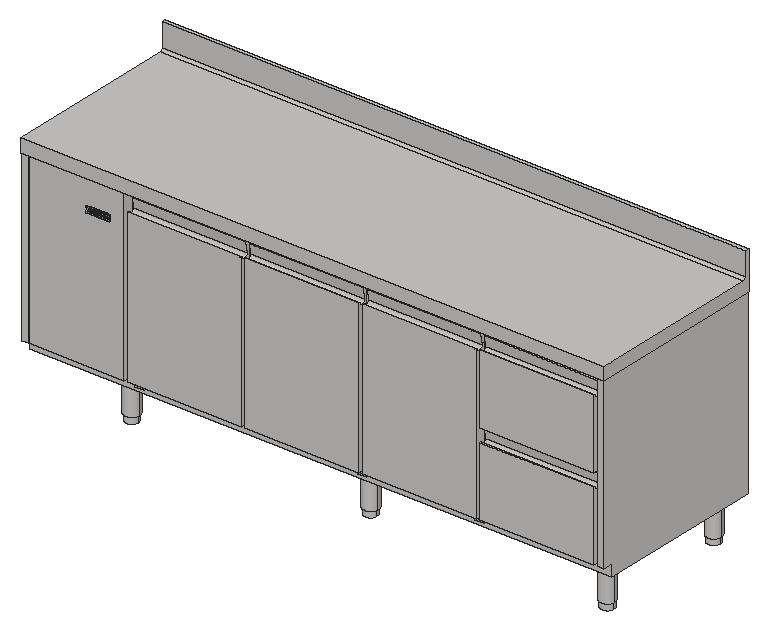
Revit family "QF_ZANUSSI_111058_ZH4H3AAAB", category Specialty Equipment, Revit 2018
Family settings
  Round Connector Dimension = Use Diameter
  Part Type = Normal
  Work Plane-Based = No
  Always vertical = Yes
  Cut with Voids When Loaded = No
  Shared = No
  Room Calculation Point = No
Parameters
  Weight = 0.00 kg
  Watts = 0.0232258 W
  Volts = 220 V
  URL Manufacturer = "http://www.zanussiprofessional.com/"
  URL = "http://www.zanussiprofessional.com/"
  Steam Supply Size = 0 mm
  Steam Supply Minimum Pressure = 0.0 Pa
  Steam Supply Maximum Pressure = 0.0 Pa
  Steam Pounds per Hour = 0
  Show Logo [instance] = yes
  Show Clearance [instance] = yes
  Refrigeration Suction Line Size = 0 mm
  Refrigeration Liquid Line Size = 0 mm
  Refrigerant Compressor Remote = yes
  Manufacturer = "Zanussi"
  Phase = 1
  Model = "ZH4H3AAAB"
  Length Actual = 2253 mm  # constant formula
  Item Number = "111058"
  Hot Water Size = 0 mm
  Height Actual = 1000 mm  # constant formula
  HP = "0.3 HP"
  Gas Size = 0 mm
  Gas KW = 0
  Gas Input Pressure = 0 W
  Description = "3DOORS+2DRAWERS REF.TABLE 590L-SPLB"
  Depth Actual = 700 mm  # constant formula
  Cycle = 50 Hz
  Condensate Return Size = 0 mm
  Compressed Air Volume = 0.0 L/s
  Compressed Air Size = 0 mm
  Compressed Air Pressure = 0.0 Pa
  Cold Water Size = 0 mm
  Accessory = yes
Reference planes
  plane 1 "Center X": y = 182.5
  plane 2: z = 0
  plane 3 "Center Y": x = -580.5
  plane 4: y = -62.5
  plane 5: y = 451.5
  plane 6 "BACK": y = 532.5
  plane 7 "FRONT": y = -167.5
  plane 8: x = -1360
  plane 9: x = 478
  plane 10: z = 150
  plane 11 "TOP": z = 900
  plane 12: z = 850
  plane 13 "LEFT": x = -1705
  plane 14 "RIGHT": x = 544
  plane 15: x = -437
  plane 16: x = -1707
  plane 17: x = 546
Forms (mm)
  Extrusion 1, solid, material "QF_Finishes_Stainless Steel"
    sketch origin (-580.5, 2, 0) x (0, 1, 0) y (0, 0, 1)
      loop
        line (530.5, 150) -> (530.5, 850) -> (-124.5, 850) -> (-124.5, 150) -> (530.5, 150)
    from -1124.5 to 1124.5
  Extrusion 2, solid, material "QF_Finishes_Stainless Steel"
    sketch origin (-1022.223, -1524, 150) x (-1, 0, 0) y (0, -1, 0)
      loop
        line (682.777, -1361.5) -> (657.777, -1361.5) -> (657.777, -1401.5) -> (682.777, -1401.5) -> (682.777, -1361.5)
      loop
        line (-1566.223, -1401.5) -> (-1541.223, -1401.5) -> (-1541.223, -1361.5) -> (-1566.223, -1361.5) -> (-1566.223, -1401.5)
    from 47 to 700
  Extrusion 3, solid, material "QF_Finishes_Stainless Steel"
    sketch origin (0, 0, 900) x (-1, 0, 0) y (0, -1, 0)
      loop
        circle (-57, -94.5) r 8.45
      loop
        circle (851, -94.5) r 8.45
    from -790.577 to -750
  Extrusion 4, solid, material "QF_Finishes_Stainless Steel"
    sketch origin (0, 0, 0) x (1, 0, 0) y (0, 1, 0)
      loop
        circle (-1621, 451.5) r 4
    from 109.423 to 150
  Extrusion 5, solid, material "QF_Finishes_Stainless Steel"
    sketch origin (-126.5, 0, 0) x (0, 1, 0) y (0, 0, 1)
      loop
        line (-167.5, 900) -> (-167.5, 850) -> (532.5, 850) -> (532.5, 1000) -> (519.5, 1000) -> (519.5, 910)
        arc (519.5, 910) -> (516.571, 902.929) -> (509.5, 900) r 10
        line (509.5, 900) -> (-167.5, 900)
    from 672.5 to -1580.5
Cuts and joins
  joined: Extrusion 1, Extrusion 2
Lines and regions (mm)
  symbolic lines, style "SpecialityEquipmentHiddenLines"
    curve 1: line (-1707, -122.5, 900) -> (546, -122.5, 900)
    curve 2: line (-1304, -167.5, 900) -> (-1304, -122.5, 900)
  symbolic lines, style "SpecialityEquipment"
    curve 3: line (-1707, 532.5, 900) -> (546, 532.5, 900)
    curve 4: line (-1707, 532.5, 900) -> (-1707, -167.5, 900)
    curve 5: line (-1707, -167.5, 900) -> (546, -167.5, 900)
    curve 6: line (546, -167.5, 900) -> (546, 532.5, 900)
    curve 7: line (-1707, 519.5, 900) -> (546, 519.5, 900)
Dimensions and locks
  locked: plane 6 "BACK" to plane 7 "FRONT" at 700
  equal spacing: plane 6 "BACK", plane 1 "Center X", plane 7 "FRONT"
  locked: plane 6 "BACK" to plane 5 at 81
  plane 10 to level = 150 mm
  plane 11 "TOP" to plane 12 to plane 10 = 50 mm locked, 700 mm locked
  locked: Extrusion 2 sketch curve to Extrusion 2 sketch curve at 25  (x2)
  locked: plane 4 to plane 7 "FRONT" at 105
  locked: plane 6 "BACK" to Extrusion 3 sketch curve at 438  (x2)
  equal spacing: plane 13 "LEFT", plane 3 "Center Y", plane 14 "RIGHT"
  plane 16 to plane 17 = 2253 mm
  locked: plane 13 "LEFT" to plane 8 at 345
  plane 15 to plane 9 to plane 14 "RIGHT" = 915 mm locked, 66 mm locked
  Extrusion 3 sketch curve to Extrusion 3 sketch curve to plane 14 "RIGHT" = 908 mm locked, 487 mm locked
  plane 13 "LEFT" to Extrusion 4 sketch curve = 84 mm
  locked: plane 6 "BACK" to Extrusion 4 sketch curve at 81
  locked: plane 10 to Extrusion 4 at 40.577
  aligned and locked: level to plane 2
  aligned and locked: plane 10 to Extrusion 3
  aligned and locked: nested 4 to plane 4
  aligned and locked: nested 1 to plane 4
  aligned and locked: nested 3 to plane 5
  aligned and locked: nested 2 to plane 5
  aligned and locked: plane 8 to nested 1
  aligned and locked: plane 8 to nested 2
  aligned and locked: plane 9 to nested 4
  aligned and locked: plane 9 to nested 3
  aligned and locked: Extrusion 1 to Extrusion 2
  aligned and locked: Extrusion 2 to Extrusion 1
  aligned and locked: Extrusion 2 sketch curve to plane 14 "RIGHT"
  aligned and locked: plane 13 "LEFT" to Extrusion 2 sketch curve
  aligned and locked: cut or joined group of Extrusion 1, Extrusion 2 to plane 10
  aligned and locked: plane 12 to cut or joined group of Extrusion 1, Extrusion 2
  aligned and locked: plane 10 to Extrusion 4
  aligned and locked: plane 15 to nested 11
  aligned and locked: plane 15 to nested 12
Automatic sketch dimensions
  plane 7 "FRONT" to Extrusion 2 sketch curve = 45 mm  (x2)
  plane 7 "FRONT" to Extrusion 2 sketch curve = 5 mm  (x2)
  Extrusion 1 sketch curve to plane 10 = 0 mm
  Extrusion 1 sketch curve to plane 12 = 0 mm
  Extrusion 1 sketch curve to plane 6 "BACK" = 0 mm
  plane 7 "FRONT" to Extrusion 1 sketch curve = 45 mm
  Extrusion 5 sketch curve to plane 7 "FRONT" = 0 mm
  Extrusion 5 sketch curve to plane 11 "TOP" = 0 mm
  Extrusion 5 sketch curve to plane 6 "BACK" = 0 mm
  Extrusion 5 sketch curve to plane 12 = 0 mm
  plane 11 "TOP" to Extrusion 5 sketch curve = 10 mm
  Extrusion 5 sketch curve to plane 6 "BACK" = 23 mm
  Extrusion 5 sketch curve to Extrusion 5 sketch curve = 90 mm
  curve 7 to plane 17 = 0 mm
  curve 2 to plane 7 "FRONT" = 0 mm
  curve 5 to plane 16 = 0 mm
  curve 3 to plane 6 "BACK" = 0 mm
  plane 8 to curve 2 = 56 mm
  curve 3 to curve 7 = 13 mm
  plane 7 "FRONT" to curve 1 = 45 mm
  radius of Extrusion 3 sketch curve = 8.45 mm  (x2)
  radius of Extrusion 4 sketch curve = 4 mm
Nested families
  nested 1: "Foot_Ø50_H150" at (-1360, -62.5, 0), type "Foot_Ø50_H150"
  nested 2: "Foot_Ø50_H150" at (-1360, 451.5, 0), type "Foot_Ø50_H150"
  nested 3: "Foot_Ø50_H150" at (478, 451.5, 0), type "Foot_Ø50_H150"
  nested 4: "Foot_Ø50_H150" at (478, -62.5, 0), type "Foot_Ø50_H150"
  nested 5: "2 Drawers" at (285, -164.5, 0), Show Clearance <- "Show Clearance", type "2 Drawers"
  nested 6: "Door" at (-169, -164.5, 0), Show Clearance <- "Show Clearance", type "Door"
  nested 7: "Refrigerator" at (544, -167.5, 900), type "Refrigerator"
  nested 8: "ZAN_Cooling Unit" at (-1495.5, -164.5, 0), Show Logo <- "Show Logo", type "ZAN_Cooling Unit"
  nested 9: "Door" at (-623, -164.5, 0), Show Clearance <- "Show Clearance", type "Door"
  nested 10: "Door" at (-1077, -164.5, 0) x (-1, 0, 0) z (0, 0, 1), Show Clearance <- "Show Clearance", type "Door"
  nested 11: "Foot_Ø50_H150" at (-437, -62.5, 0), type "Foot_Ø50_H150"
  nested 12: "Foot_Ø50_H150" at (-437, 451.5, 0), type "Foot_Ø50_H150"
Connectors
  electrical at (-1621, 451.5, 109.423), driven by "Volts"
    settings: on Extrusion 4, index 4, voltage 220 V, apparent load 0 VA, apparent load phase1 0 VA, apparent load phase2 0 VA, apparent load phase3 0 VA, power factor 1, load classification "Altro", number of poles 1, system type 30, power factor state 1, is connector primary yes, connector utility no, sub classification motor no, connector description "Electrical Connection"
  piping at (57, 94.5, 109.423), diameter 17
    settings: on Extrusion 3, index 5, connector inside diameter 609.6 mm, connector length 0 mm, flow factor 0, pipe flow 0.0 L/s, pressure drop 0.0 Pa, fitting loss kfactor 0, connector angle 0.00°, fixture units 0, engagement length 0 mm, angle of deflection 0.00°, flow configuration 1, flow direction 2, fitting loss method 0, system type 16, joint type 0, gender type 0, connector reference index -1, connector utility 0, adjustable connector no, is connector primary yes, connector description "Drain"
  piping at (-851, 94.5, 109.423), diameter 17
    settings: on Extrusion 3, index 6, connector inside diameter 609.6 mm, connector length 0 mm, flow factor 0, pipe flow 0.0 L/s, pressure drop 0.0 Pa, fitting loss kfactor 0, connector angle 0.00°, fixture units 0, engagement length 0 mm, angle of deflection 0.00°, flow configuration 1, flow direction 2, fitting loss method 0, system type 16, joint type 0, gender type 0, connector reference index -1, connector utility 0, adjustable connector no, is connector primary no, connector description "Drain"
Definition of nested family "Foot_Ø50_H150"
  Reference planes
    plane 1 "Centro (Fronte/Retro)": y = 0
    plane 2: z = 0
    plane 3 "Centro (Sinistra/Destra)": x = 0
    plane 4: z = 150
  Forms (mm)
    Revolve 1, solid
      sketch origin (255.05, 0, 608.09) x (0, 0, 1) y (-1, 0, 0)
        loop
          line (-608.09, 255.05) -> (-608.09, 230.05) -> (-583.09, 230.05) -> (-583.09, 226.05) -> (-458.09, 226.05) -> (-458.09, 255.05) -> (-608.09, 255.05)
        axis (-608.09, 255.05) -> (-458.09, 255.05)
      angle from 0 to 360
  Dimensions and locks
    locked: Revolve 1 sketch curve to Revolve 1 sketch curve at 125
    aligned and locked: level to plane 2
    aligned and locked: plane 4 to Revolve 1 sketch curve
    aligned and locked: Revolve 1 sketch curve to level
    aligned and locked: plane 3 "Centro (Sinistra/Destra)" to Revolve 1 sketch curve
Definition of nested family "2 Drawers"
  Parameters
    Show Clearance [instance] = yes
  Reference planes
    plane 1 "FRONT": y = -3
    plane 2: z = 0
    plane 3 "Centro (Sinistra/Destra)": x = 0
    plane 4: z = 150
    plane 5: z = 850
    plane 6: x = -234
    plane 7: x = 234
    plane 8: x = -220
    plane 9: x = 220
  Forms (mm)
    Extrusion 1, solid
      sketch origin (0, 55, 511) x (0, 0, 1) y (0, -1, 0)
        loop
          line (314, 18) -> (314, 29) -> (274.395, 22.5)
          arc (274.395, 22.5) -> (260.395, 36.5) -> (274.395, 50.5) r 14
          line (274.395, 50.5) -> (274.395, 53) -> (5, 53) -> (5, 18) -> (314, 18)
        loop
          line (-5, 29) -> (-44.605, 22.5)
          arc (-44.605, 22.5) -> (-58.605, 36.5) -> (-44.605, 50.5) r 14
          line (-44.605, 50.5) -> (-44.605, 53) -> (-314, 53) -> (-314, 18) -> (-5, 18) -> (-5, 29)
      from -220 to 220
    Extrusion 2, solid, visible <- "Show Clearance", detail levels coarse
      sketch origin (0, -462, 511) x (0, 0, 1) y (0, -1, 0)
        loop
          line (-314, 109) -> (-314, -464) -> (-5, -464) -> (-5, 109) -> (-314, 109)
        loop
          line (314, -464) -> (314, 109) -> (5, 109) -> (5, -464) -> (314, -464)
      from -220 to 220
  Lines and regions (mm)
    symbolic lines
      curve 1: line (-190, -3, 0) -> (-190, -88, 0)
      curve 2: line (190, -88, 0) -> (190, -3, 0)
      curve 3: line (220, -88, 0) -> (-220, -88, 0)
      curve 4: line (-220, -88, 0) -> (-220, -123, 0)
      curve 5: line (-220, -123, 0) -> (220, -123, 0)
      curve 6: line (220, -123, 0) -> (220, -88, 0)
      curve 7: line (-190, -123, 0) -> (-190, -208, 0)
      curve 8: line (220, -208, 0) -> (-220, -208, 0)
      curve 9: line (-220, -208, 0) -> (-220, -243, 0)
      curve 10: line (-220, -243, 0) -> (220, -243, 0)
      curve 11: line (220, -243, 0) -> (220, -208, 0)
      curve 12: line (190, -208, 0) -> (190, -123, 0)
  Dimensions and locks
    aligned and locked: level to plane 2
Definition of nested family "Door"
  Parameters
    Show Clearance [instance] = yes
  Reference planes
    plane 1 "FRONT": y = -3
    plane 2: z = 0
    plane 3 "Centro (Sinistra/Destra)": x = 0
    plane 4: z = 150
    plane 5: z = 850
    plane 6: x = -234
    plane 7: x = 234
    plane 8: x = -220
    plane 9: x = 220
  Forms (mm)
    Extrusion 1, solid
      sketch origin (0, 53, 511) x (0, 0, 1) y (0, -1, 0)
        loop
          line (-323.003, 28.5) -> (-316.501, 28.5) -> (-316.501, 31) -> (-325.503, 31) -> (-325.503, 13.5) -> (-345.503, 13.5) -> (-345.503, 11) -> (-323.003, 11) -> (-323.003, 23.259) -> (-323.003, 28.5)
        loop
          line (-314, 27) -> (-316.501, 27) -> (-316.501, 18.501) -> (-319.752, 18.501) -> (-319.752, 16) -> (-314, 16) -> (-314, 27)
        loop
          line (315.003, 27) -> (315.003, 13.948) -> (315.003, 11) -> (327.503, 11) -> (327.503, 13.5) -> (317.503, 13.5) -> (317.503, 27) -> (315.003, 27)
      from 185 to 220
    Extrusion 2, solid, visible <- "Show Clearance", detail levels coarse
      sketch origin (0, 53, 511) x (0, -1, 0) y (1, 0, 0)
        loop
          line (51, 220) -> (51, -220)
          arc (51, -220) -> (339.234, -79.44) -> (454, 220) r 437.168
          line (454, 220) -> (51, 220)
      from -314 to 314
    Extrusion 3, solid
      sketch origin (0, 55, 511) x (0, 0, 1) y (0, -1, 0)
        loop
          line (314, 18) -> (314, 29) -> (274.395, 22.5)
          arc (274.395, 22.5) -> (260.395, 36.5) -> (274.395, 50.5) r 14
          line (274.395, 50.5) -> (274.395, 53) -> (-314, 53) -> (-314, 18) -> (314, 18)
      from -220 to 220
  Lines and regions (mm)
    symbolic lines
      curve 1: line (220, -3, 0) -> (220, -401, 0)
      curve 2: line (220, -401, 0) -> (185, -401, 0)
      curve 3: line (185, -401, 0) -> (185, -3, 0)
      curve 4: arc (-219.722, -3, 0) -> (-89.51, -275.368, 0) -> (185, -401, 0) r 442.855
  Dimensions and locks
    aligned and locked: level to plane 2
Definition of nested family "ZAN_Cooling Unit"
  Parameters
    Show Logo [instance] = yes
  Reference planes
    plane 1 "FRONT": y = -3
    plane 2: z = 0
    plane 3 "Centro (Sinistra/Destra)": x = 0
    plane 4: z = 150
    plane 5: z = 850
    plane 6: x = -184.5
    plane 7: x = 184.5
  Forms (mm)
    Extrusion 1, solid
      sketch origin (0, 55, 511) x (0, 0, 1) y (0, -1, 0)
        loop
          line (-314, 53) -> (-314, 13) -> (339, 13) -> (339, 53) -> (-314, 53)
      from -184.5 to 184.5
  Lines and regions (mm)
    Split face 1
      outline origin (0, 2, 197) x (0, 0, 1) y (-1, 0, 0)
        loop
          line (566.835, 184.5) -> (566.835, -184.5)
        loop
          line (521.835, 184.5) -> (521.835, -184.5)
    Split face 2
      outline origin (0, 2, 197) x (0, 0, 1) y (-1, 0, 0)
        loop
          arc (510.649, 158.547) -> (506.648, 162.548) -> (502.647, 158.547) r 4.001
          line (502.647, 158.547) -> (502.647, 116.535)
          arc (502.647, 116.535) -> (506.648, 112.533) -> (510.649, 116.535) r 4.001
          line (510.649, 116.535) -> (510.649, 158.547)
    Split face 3
      outline origin (0, 2, 184.996) x (0, 0, 1) y (-1, 0, 0)
        loop
          arc (510.649, 158.547) -> (506.648, 162.548) -> (502.647, 158.547) r 4.001
          line (502.647, 158.547) -> (502.647, 116.535)
          arc (502.647, 116.535) -> (506.648, 112.533) -> (510.649, 116.535) r 4.001
          line (510.649, 116.535) -> (510.649, 158.547)
    Split face 4
      outline origin (0, 2, 172.993) x (0, 0, 1) y (-1, 0, 0)
        loop
          arc (510.649, 158.547) -> (506.648, 162.548) -> (502.647, 158.547) r 4.001
          line (502.647, 158.547) -> (502.647, 116.535)
          arc (502.647, 116.535) -> (506.648, 112.533) -> (510.649, 116.535) r 4.001
          line (510.649, 116.535) -> (510.649, 158.547)
    Split face 5
      outline origin (0, 2, 160.989) x (0, 0, 1) y (-1, 0, 0)
        loop
          arc (510.649, 158.547) -> (506.648, 162.548) -> (502.647, 158.547) r 4.001
          line (502.647, 158.547) -> (502.647, 116.535)
          arc (502.647, 116.535) -> (506.648, 112.533) -> (510.649, 116.535) r 4.001
          line (510.649, 116.535) -> (510.649, 158.547)
    Split face 6
      outline origin (0, 2, 148.986) x (0, 0, 1) y (-1, 0, 0)
        loop
          arc (510.649, 158.547) -> (506.648, 162.548) -> (502.647, 158.547) r 4.001
          line (502.647, 158.547) -> (502.647, 116.535)
          arc (502.647, 116.535) -> (506.648, 112.533) -> (510.649, 116.535) r 4.001
          line (510.649, 116.535) -> (510.649, 158.547)
    Split face 7
      outline origin (0, 2, 136.982) x (0, 0, 1) y (-1, 0, 0)
        loop
          arc (510.649, 158.547) -> (506.648, 162.548) -> (502.647, 158.547) r 4.001
          line (502.647, 158.547) -> (502.647, 116.535)
          arc (502.647, 116.535) -> (506.648, 112.533) -> (510.649, 116.535) r 4.001
          line (510.649, 116.535) -> (510.649, 158.547)
    Split face 8
      outline origin (0, 2, 124.979) x (0, 0, 1) y (-1, 0, 0)
        loop
          arc (510.649, 158.547) -> (506.648, 162.548) -> (502.647, 158.547) r 4.001
          line (502.647, 158.547) -> (502.647, 116.535)
          arc (502.647, 116.535) -> (506.648, 112.533) -> (510.649, 116.535) r 4.001
          line (510.649, 116.535) -> (510.649, 158.547)
    Split face 9
      outline origin (0, 2, 112.975) x (0, 0, 1) y (-1, 0, 0)
        loop
          arc (510.649, 158.547) -> (506.648, 162.548) -> (502.647, 158.547) r 4.001
          line (502.647, 158.547) -> (502.647, 116.535)
          arc (502.647, 116.535) -> (506.648, 112.533) -> (510.649, 116.535) r 4.001
          line (510.649, 116.535) -> (510.649, 158.547)
    Split face 10
      outline origin (0, 2, 100.972) x (0, 0, 1) y (-1, 0, 0)
        loop
          arc (510.649, 158.547) -> (506.648, 162.548) -> (502.647, 158.547) r 4.001
          line (502.647, 158.547) -> (502.647, 116.535)
          arc (502.647, 116.535) -> (506.648, 112.533) -> (510.649, 116.535) r 4.001
          line (510.649, 116.535) -> (510.649, 158.547)
    Split face 11
      outline origin (0, 2, 88.968) x (0, 0, 1) y (-1, 0, 0)
        loop
          arc (510.649, 158.547) -> (506.648, 162.548) -> (502.647, 158.547) r 4.001
          line (502.647, 158.547) -> (502.647, 116.535)
          arc (502.647, 116.535) -> (506.648, 112.533) -> (510.649, 116.535) r 4.001
          line (510.649, 116.535) -> (510.649, 158.547)
    Split face 12
      outline origin (0, 2, 76.965) x (0, 0, 1) y (-1, 0, 0)
        loop
          arc (510.649, 158.547) -> (506.648, 162.548) -> (502.647, 158.547) r 4.001
          line (502.647, 158.547) -> (502.647, 116.535)
          arc (502.647, 116.535) -> (506.648, 112.533) -> (510.649, 116.535) r 4.001
          line (510.649, 116.535) -> (510.649, 158.547)
    Split face 13
      outline origin (0, 2, 64.961) x (0, 0, 1) y (-1, 0, 0)
        loop
          arc (510.649, 158.547) -> (506.648, 162.548) -> (502.647, 158.547) r 4.001
          line (502.647, 158.547) -> (502.647, 116.535)
          arc (502.647, 116.535) -> (506.648, 112.533) -> (510.649, 116.535) r 4.001
          line (510.649, 116.535) -> (510.649, 158.547)
    Split face 14
      outline origin (0, 2, 52.958) x (0, 0, 1) y (-1, 0, 0)
        loop
          arc (510.649, 158.547) -> (506.648, 162.548) -> (502.647, 158.547) r 4.001
          line (502.647, 158.547) -> (502.647, 116.535)
          arc (502.647, 116.535) -> (506.648, 112.533) -> (510.649, 116.535) r 4.001
          line (510.649, 116.535) -> (510.649, 158.547)
    Split face 15
      outline origin (0, 2, 40.954) x (0, 0, 1) y (-1, 0, 0)
        loop
          arc (510.649, 158.547) -> (506.648, 162.548) -> (502.647, 158.547) r 4.001
          line (502.647, 158.547) -> (502.647, 116.535)
          arc (502.647, 116.535) -> (506.648, 112.533) -> (510.649, 116.535) r 4.001
          line (510.649, 116.535) -> (510.649, 158.547)
    Split face 16
      outline origin (0, 2, 28.951) x (0, 0, 1) y (-1, 0, 0)
        loop
          arc (510.649, 158.547) -> (506.648, 162.548) -> (502.647, 158.547) r 4.001
          line (502.647, 158.547) -> (502.647, 116.535)
          arc (502.647, 116.535) -> (506.648, 112.533) -> (510.649, 116.535) r 4.001
          line (510.649, 116.535) -> (510.649, 158.547)
    Split face 17
      outline origin (0, 2, 16.947) x (0, 0, 1) y (-1, 0, 0)
        loop
          arc (510.649, 158.547) -> (506.648, 162.548) -> (502.647, 158.547) r 4.001
          line (502.647, 158.547) -> (502.647, 116.535)
          arc (502.647, 116.535) -> (506.648, 112.533) -> (510.649, 116.535) r 4.001
          line (510.649, 116.535) -> (510.649, 158.547)
    Split face 18
      outline origin (55.016, 2, 197) x (0, 0, 1) y (-1, 0, 0)
        loop
          arc (510.649, 158.547) -> (506.648, 162.548) -> (502.647, 158.547) r 4.001
          line (502.647, 158.547) -> (502.647, 116.535)
          arc (502.647, 116.535) -> (506.648, 112.533) -> (510.649, 116.535) r 4.001
          line (510.649, 116.535) -> (510.649, 158.547)
    Split face 19
      outline origin (55.016, 2, 184.996) x (0, 0, 1) y (-1, 0, 0)
        loop
          arc (510.649, 158.547) -> (506.648, 162.548) -> (502.647, 158.547) r 4.001
          line (502.647, 158.547) -> (502.647, 116.535)
          arc (502.647, 116.535) -> (506.648, 112.533) -> (510.649, 116.535) r 4.001
          line (510.649, 116.535) -> (510.649, 158.547)
    Split face 20
      outline origin (55.016, 2, 172.993) x (0, 0, 1) y (-1, 0, 0)
        loop
          arc (510.649, 158.547) -> (506.648, 162.548) -> (502.647, 158.547) r 4.001
          line (502.647, 158.547) -> (502.647, 116.535)
          arc (502.647, 116.535) -> (506.648, 112.533) -> (510.649, 116.535) r 4.001
          line (510.649, 116.535) -> (510.649, 158.547)
    Split face 21
      outline origin (55.016, 2, 160.989) x (0, 0, 1) y (-1, 0, 0)
        loop
          arc (510.649, 158.547) -> (506.648, 162.548) -> (502.647, 158.547) r 4.001
          line (502.647, 158.547) -> (502.647, 116.535)
          arc (502.647, 116.535) -> (506.648, 112.533) -> (510.649, 116.535) r 4.001
          line (510.649, 116.535) -> (510.649, 158.547)
    Split face 22
      outline origin (55.016, 2, 148.986) x (0, 0, 1) y (-1, 0, 0)
        loop
          arc (510.649, 158.547) -> (506.648, 162.548) -> (502.647, 158.547) r 4.001
          line (502.647, 158.547) -> (502.647, 116.535)
          arc (502.647, 116.535) -> (506.648, 112.533) -> (510.649, 116.535) r 4.001
          line (510.649, 116.535) -> (510.649, 158.547)
    Split face 23
      outline origin (55.016, 2, 136.982) x (0, 0, 1) y (-1, 0, 0)
        loop
          arc (510.649, 158.547) -> (506.648, 162.548) -> (502.647, 158.547) r 4.001
          line (502.647, 158.547) -> (502.647, 116.535)
          arc (502.647, 116.535) -> (506.648, 112.533) -> (510.649, 116.535) r 4.001
          line (510.649, 116.535) -> (510.649, 158.547)
    Split face 24
      outline origin (55.016, 2, 124.979) x (0, 0, 1) y (-1, 0, 0)
        loop
          arc (510.649, 158.547) -> (506.648, 162.548) -> (502.647, 158.547) r 4.001
          line (502.647, 158.547) -> (502.647, 116.535)
          arc (502.647, 116.535) -> (506.648, 112.533) -> (510.649, 116.535) r 4.001
          line (510.649, 116.535) -> (510.649, 158.547)
    Split face 25
      outline origin (55.016, 2, 112.975) x (0, 0, 1) y (-1, 0, 0)
        loop
          arc (510.649, 158.547) -> (506.648, 162.548) -> (502.647, 158.547) r 4.001
          line (502.647, 158.547) -> (502.647, 116.535)
          arc (502.647, 116.535) -> (506.648, 112.533) -> (510.649, 116.535) r 4.001
          line (510.649, 116.535) -> (510.649, 158.547)
    Split face 26
      outline origin (55.016, 2, 100.972) x (0, 0, 1) y (-1, 0, 0)
        loop
          arc (510.649, 158.547) -> (506.648, 162.548) -> (502.647, 158.547) r 4.001
          line (502.647, 158.547) -> (502.647, 116.535)
          arc (502.647, 116.535) -> (506.648, 112.533) -> (510.649, 116.535) r 4.001
          line (510.649, 116.535) -> (510.649, 158.547)
    Split face 27
      outline origin (55.016, 2, 88.968) x (0, 0, 1) y (-1, 0, 0)
        loop
          arc (510.649, 158.547) -> (506.648, 162.548) -> (502.647, 158.547) r 4.001
          line (502.647, 158.547) -> (502.647, 116.535)
          arc (502.647, 116.535) -> (506.648, 112.533) -> (510.649, 116.535) r 4.001
          line (510.649, 116.535) -> (510.649, 158.547)
    Split face 28
      outline origin (55.016, 2, 76.965) x (0, 0, 1) y (-1, 0, 0)
        loop
          arc (510.649, 158.547) -> (506.648, 162.548) -> (502.647, 158.547) r 4.001
          line (502.647, 158.547) -> (502.647, 116.535)
          arc (502.647, 116.535) -> (506.648, 112.533) -> (510.649, 116.535) r 4.001
          line (510.649, 116.535) -> (510.649, 158.547)
    Split face 29
      outline origin (55.016, 2, 64.961) x (0, 0, 1) y (-1, 0, 0)
        loop
          arc (510.649, 158.547) -> (506.648, 162.548) -> (502.647, 158.547) r 4.001
          line (502.647, 158.547) -> (502.647, 116.535)
          arc (502.647, 116.535) -> (506.648, 112.533) -> (510.649, 116.535) r 4.001
          line (510.649, 116.535) -> (510.649, 158.547)
    Split face 30
      outline origin (55.016, 2, 52.958) x (0, 0, 1) y (-1, 0, 0)
        loop
          arc (510.649, 158.547) -> (506.648, 162.548) -> (502.647, 158.547) r 4.001
          line (502.647, 158.547) -> (502.647, 116.535)
          arc (502.647, 116.535) -> (506.648, 112.533) -> (510.649, 116.535) r 4.001
          line (510.649, 116.535) -> (510.649, 158.547)
    Split face 31
      outline origin (55.016, 2, 40.954) x (0, 0, 1) y (-1, 0, 0)
        loop
          arc (510.649, 158.547) -> (506.648, 162.548) -> (502.647, 158.547) r 4.001
          line (502.647, 158.547) -> (502.647, 116.535)
          arc (502.647, 116.535) -> (506.648, 112.533) -> (510.649, 116.535) r 4.001
          line (510.649, 116.535) -> (510.649, 158.547)
    Split face 32
      outline origin (55.016, 2, 28.951) x (0, 0, 1) y (-1, 0, 0)
        loop
          arc (510.649, 158.547) -> (506.648, 162.548) -> (502.647, 158.547) r 4.001
          line (502.647, 158.547) -> (502.647, 116.535)
          arc (502.647, 116.535) -> (506.648, 112.533) -> (510.649, 116.535) r 4.001
          line (510.649, 116.535) -> (510.649, 158.547)
    Split face 33
      outline origin (55.016, 2, 16.947) x (0, 0, 1) y (-1, 0, 0)
        loop
          arc (510.649, 158.547) -> (506.648, 162.548) -> (502.647, 158.547) r 4.001
          line (502.647, 158.547) -> (502.647, 116.535)
          arc (502.647, 116.535) -> (506.648, 112.533) -> (510.649, 116.535) r 4.001
          line (510.649, 116.535) -> (510.649, 158.547)
    Split face 34
      outline origin (110.032, 2, 197) x (0, 0, 1) y (-1, 0, 0)
        loop
          arc (510.649, 158.547) -> (506.648, 162.548) -> (502.647, 158.547) r 4.001
          line (502.647, 158.547) -> (502.647, 116.535)
          arc (502.647, 116.535) -> (506.648, 112.533) -> (510.649, 116.535) r 4.001
          line (510.649, 116.535) -> (510.649, 158.547)
    Split face 35
      outline origin (110.032, 2, 184.996) x (0, 0, 1) y (-1, 0, 0)
        loop
          arc (510.649, 158.547) -> (506.648, 162.548) -> (502.647, 158.547) r 4.001
          line (502.647, 158.547) -> (502.647, 116.535)
          arc (502.647, 116.535) -> (506.648, 112.533) -> (510.649, 116.535) r 4.001
          line (510.649, 116.535) -> (510.649, 158.547)
    Split face 36
      outline origin (110.032, 2, 172.993) x (0, 0, 1) y (-1, 0, 0)
        loop
          arc (510.649, 158.547) -> (506.648, 162.548) -> (502.647, 158.547) r 4.001
          line (502.647, 158.547) -> (502.647, 116.535)
          arc (502.647, 116.535) -> (506.648, 112.533) -> (510.649, 116.535) r 4.001
          line (510.649, 116.535) -> (510.649, 158.547)
    Split face 37
      outline origin (110.032, 2, 160.989) x (0, 0, 1) y (-1, 0, 0)
        loop
          arc (510.649, 158.547) -> (506.648, 162.548) -> (502.647, 158.547) r 4.001
          line (502.647, 158.547) -> (502.647, 116.535)
          arc (502.647, 116.535) -> (506.648, 112.533) -> (510.649, 116.535) r 4.001
          line (510.649, 116.535) -> (510.649, 158.547)
    Split face 38
      outline origin (110.032, 2, 148.986) x (0, 0, 1) y (-1, 0, 0)
        loop
          arc (510.649, 158.547) -> (506.648, 162.548) -> (502.647, 158.547) r 4.001
          line (502.647, 158.547) -> (502.647, 116.535)
          arc (502.647, 116.535) -> (506.648, 112.533) -> (510.649, 116.535) r 4.001
          line (510.649, 116.535) -> (510.649, 158.547)
    Split face 39
      outline origin (110.032, 2, 136.982) x (0, 0, 1) y (-1, 0, 0)
        loop
          arc (510.649, 158.547) -> (506.648, 162.548) -> (502.647, 158.547) r 4.001
          line (502.647, 158.547) -> (502.647, 116.535)
          arc (502.647, 116.535) -> (506.648, 112.533) -> (510.649, 116.535) r 4.001
          line (510.649, 116.535) -> (510.649, 158.547)
    Split face 40
      outline origin (110.032, 2, 124.979) x (0, 0, 1) y (-1, 0, 0)
        loop
          arc (510.649, 158.547) -> (506.648, 162.548) -> (502.647, 158.547) r 4.001
          line (502.647, 158.547) -> (502.647, 116.535)
          arc (502.647, 116.535) -> (506.648, 112.533) -> (510.649, 116.535) r 4.001
          line (510.649, 116.535) -> (510.649, 158.547)
    Split face 41
      outline origin (110.032, 2, 112.975) x (0, 0, 1) y (-1, 0, 0)
        loop
          arc (510.649, 158.547) -> (506.648, 162.548) -> (502.647, 158.547) r 4.001
          line (502.647, 158.547) -> (502.647, 116.535)
          arc (502.647, 116.535) -> (506.648, 112.533) -> (510.649, 116.535) r 4.001
          line (510.649, 116.535) -> (510.649, 158.547)
    Split face 42
      outline origin (110.032, 2, 100.972) x (0, 0, 1) y (-1, 0, 0)
        loop
          arc (510.649, 158.547) -> (506.648, 162.548) -> (502.647, 158.547) r 4.001
          line (502.647, 158.547) -> (502.647, 116.535)
          arc (502.647, 116.535) -> (506.648, 112.533) -> (510.649, 116.535) r 4.001
          line (510.649, 116.535) -> (510.649, 158.547)
    Split face 43
      outline origin (110.032, 2, 88.968) x (0, 0, 1) y (-1, 0, 0)
        loop
          arc (510.649, 158.547) -> (506.648, 162.548) -> (502.647, 158.547) r 4.001
          line (502.647, 158.547) -> (502.647, 116.535)
          arc (502.647, 116.535) -> (506.648, 112.533) -> (510.649, 116.535) r 4.001
          line (510.649, 116.535) -> (510.649, 158.547)
    Split face 44
      outline origin (110.032, 2, 76.965) x (0, 0, 1) y (-1, 0, 0)
        loop
          arc (510.649, 158.547) -> (506.648, 162.548) -> (502.647, 158.547) r 4.001
          line (502.647, 158.547) -> (502.647, 116.535)
          arc (502.647, 116.535) -> (506.648, 112.533) -> (510.649, 116.535) r 4.001
          line (510.649, 116.535) -> (510.649, 158.547)
    Split face 45
      outline origin (110.032, 2, 64.961) x (0, 0, 1) y (-1, 0, 0)
        loop
          arc (510.649, 158.547) -> (506.648, 162.548) -> (502.647, 158.547) r 4.001
          line (502.647, 158.547) -> (502.647, 116.535)
          arc (502.647, 116.535) -> (506.648, 112.533) -> (510.649, 116.535) r 4.001
          line (510.649, 116.535) -> (510.649, 158.547)
    Split face 46
      outline origin (110.032, 2, 52.958) x (0, 0, 1) y (-1, 0, 0)
        loop
          arc (510.649, 158.547) -> (506.648, 162.548) -> (502.647, 158.547) r 4.001
          line (502.647, 158.547) -> (502.647, 116.535)
          arc (502.647, 116.535) -> (506.648, 112.533) -> (510.649, 116.535) r 4.001
          line (510.649, 116.535) -> (510.649, 158.547)
    Split face 47
      outline origin (110.032, 2, 40.954) x (0, 0, 1) y (-1, 0, 0)
        loop
          arc (510.649, 158.547) -> (506.648, 162.548) -> (502.647, 158.547) r 4.001
          line (502.647, 158.547) -> (502.647, 116.535)
          arc (502.647, 116.535) -> (506.648, 112.533) -> (510.649, 116.535) r 4.001
          line (510.649, 116.535) -> (510.649, 158.547)
    Split face 48
      outline origin (110.032, 2, 28.951) x (0, 0, 1) y (-1, 0, 0)
        loop
          arc (510.649, 158.547) -> (506.648, 162.548) -> (502.647, 158.547) r 4.001
          line (502.647, 158.547) -> (502.647, 116.535)
          arc (502.647, 116.535) -> (506.648, 112.533) -> (510.649, 116.535) r 4.001
          line (510.649, 116.535) -> (510.649, 158.547)
    Split face 49
      outline origin (110.032, 2, 16.947) x (0, 0, 1) y (-1, 0, 0)
        loop
          arc (510.649, 158.547) -> (506.648, 162.548) -> (502.647, 158.547) r 4.001
          line (502.647, 158.547) -> (502.647, 116.535)
          arc (502.647, 116.535) -> (506.648, 112.533) -> (510.649, 116.535) r 4.001
          line (510.649, 116.535) -> (510.649, 158.547)
    Split face 50
      outline origin (165.048, 2, 197) x (0, 0, 1) y (-1, 0, 0)
        loop
          arc (510.649, 158.547) -> (506.648, 162.548) -> (502.647, 158.547) r 4.001
          line (502.647, 158.547) -> (502.647, 116.535)
          arc (502.647, 116.535) -> (506.648, 112.533) -> (510.649, 116.535) r 4.001
          line (510.649, 116.535) -> (510.649, 158.547)
    Split face 51
      outline origin (165.048, 2, 184.996) x (0, 0, 1) y (-1, 0, 0)
        loop
          arc (510.649, 158.547) -> (506.648, 162.548) -> (502.647, 158.547) r 4.001
          line (502.647, 158.547) -> (502.647, 116.535)
          arc (502.647, 116.535) -> (506.648, 112.533) -> (510.649, 116.535) r 4.001
          line (510.649, 116.535) -> (510.649, 158.547)
    Split face 52
      outline origin (165.048, 2, 172.993) x (0, 0, 1) y (-1, 0, 0)
        loop
          arc (510.649, 158.547) -> (506.648, 162.548) -> (502.647, 158.547) r 4.001
          line (502.647, 158.547) -> (502.647, 116.535)
          arc (502.647, 116.535) -> (506.648, 112.533) -> (510.649, 116.535) r 4.001
          line (510.649, 116.535) -> (510.649, 158.547)
    Split face 53
      outline origin (165.048, 2, 160.989) x (0, 0, 1) y (-1, 0, 0)
        loop
          arc (510.649, 158.547) -> (506.648, 162.548) -> (502.647, 158.547) r 4.001
          line (502.647, 158.547) -> (502.647, 116.535)
          arc (502.647, 116.535) -> (506.648, 112.533) -> (510.649, 116.535) r 4.001
          line (510.649, 116.535) -> (510.649, 158.547)
    Split face 54
      outline origin (165.048, 2, 148.986) x (0, 0, 1) y (-1, 0, 0)
        loop
          arc (510.649, 158.547) -> (506.648, 162.548) -> (502.647, 158.547) r 4.001
          line (502.647, 158.547) -> (502.647, 116.535)
          arc (502.647, 116.535) -> (506.648, 112.533) -> (510.649, 116.535) r 4.001
          line (510.649, 116.535) -> (510.649, 158.547)
    Split face 55
      outline origin (165.048, 2, 136.982) x (0, 0, 1) y (-1, 0, 0)
        loop
          arc (510.649, 158.547) -> (506.648, 162.548) -> (502.647, 158.547) r 4.001
          line (502.647, 158.547) -> (502.647, 116.535)
          arc (502.647, 116.535) -> (506.648, 112.533) -> (510.649, 116.535) r 4.001
          line (510.649, 116.535) -> (510.649, 158.547)
    Split face 56
      outline origin (165.048, 2, 124.979) x (0, 0, 1) y (-1, 0, 0)
        loop
          arc (510.649, 158.547) -> (506.648, 162.548) -> (502.647, 158.547) r 4.001
          line (502.647, 158.547) -> (502.647, 116.535)
          arc (502.647, 116.535) -> (506.648, 112.533) -> (510.649, 116.535) r 4.001
          line (510.649, 116.535) -> (510.649, 158.547)
    Split face 57
      outline origin (165.048, 2, 112.975) x (0, 0, 1) y (-1, 0, 0)
        loop
          arc (510.649, 158.547) -> (506.648, 162.548) -> (502.647, 158.547) r 4.001
          line (502.647, 158.547) -> (502.647, 116.535)
          arc (502.647, 116.535) -> (506.648, 112.533) -> (510.649, 116.535) r 4.001
          line (510.649, 116.535) -> (510.649, 158.547)
    Split face 58
      outline origin (165.048, 2, 100.972) x (0, 0, 1) y (-1, 0, 0)
        loop
          arc (510.649, 158.547) -> (506.648, 162.548) -> (502.647, 158.547) r 4.001
          line (502.647, 158.547) -> (502.647, 116.535)
          arc (502.647, 116.535) -> (506.648, 112.533) -> (510.649, 116.535) r 4.001
          line (510.649, 116.535) -> (510.649, 158.547)
    Split face 59
      outline origin (165.048, 2, 88.968) x (0, 0, 1) y (-1, 0, 0)
        loop
          arc (510.649, 158.547) -> (506.648, 162.548) -> (502.647, 158.547) r 4.001
          line (502.647, 158.547) -> (502.647, 116.535)
          arc (502.647, 116.535) -> (506.648, 112.533) -> (510.649, 116.535) r 4.001
          line (510.649, 116.535) -> (510.649, 158.547)
    Split face 60
      outline origin (165.048, 2, 76.965) x (0, 0, 1) y (-1, 0, 0)
        loop
          arc (510.649, 158.547) -> (506.648, 162.548) -> (502.647, 158.547) r 4.001
          line (502.647, 158.547) -> (502.647, 116.535)
          arc (502.647, 116.535) -> (506.648, 112.533) -> (510.649, 116.535) r 4.001
          line (510.649, 116.535) -> (510.649, 158.547)
    Split face 61
      outline origin (165.048, 2, 64.961) x (0, 0, 1) y (-1, 0, 0)
        loop
          arc (510.649, 158.547) -> (506.648, 162.548) -> (502.647, 158.547) r 4.001
          line (502.647, 158.547) -> (502.647, 116.535)
          arc (502.647, 116.535) -> (506.648, 112.533) -> (510.649, 116.535) r 4.001
          line (510.649, 116.535) -> (510.649, 158.547)
    Split face 62
      outline origin (165.048, 2, 52.958) x (0, 0, 1) y (-1, 0, 0)
        loop
          arc (510.649, 158.547) -> (506.648, 162.548) -> (502.647, 158.547) r 4.001
          line (502.647, 158.547) -> (502.647, 116.535)
          arc (502.647, 116.535) -> (506.648, 112.533) -> (510.649, 116.535) r 4.001
          line (510.649, 116.535) -> (510.649, 158.547)
    Split face 63
      outline origin (165.048, 2, 40.954) x (0, 0, 1) y (-1, 0, 0)
        loop
          arc (510.649, 158.547) -> (506.648, 162.548) -> (502.647, 158.547) r 4.001
          line (502.647, 158.547) -> (502.647, 116.535)
          arc (502.647, 116.535) -> (506.648, 112.533) -> (510.649, 116.535) r 4.001
          line (510.649, 116.535) -> (510.649, 158.547)
    Split face 64
      outline origin (165.048, 2, 28.951) x (0, 0, 1) y (-1, 0, 0)
        loop
          arc (510.649, 158.547) -> (506.648, 162.548) -> (502.647, 158.547) r 4.001
          line (502.647, 158.547) -> (502.647, 116.535)
          arc (502.647, 116.535) -> (506.648, 112.533) -> (510.649, 116.535) r 4.001
          line (510.649, 116.535) -> (510.649, 158.547)
    Split face 65
      outline origin (165.048, 2, 16.947) x (0, 0, 1) y (-1, 0, 0)
        loop
          arc (510.649, 158.547) -> (506.648, 162.548) -> (502.647, 158.547) r 4.001
          line (502.647, 158.547) -> (502.647, 116.535)
          arc (502.647, 116.535) -> (506.648, 112.533) -> (510.649, 116.535) r 4.001
          line (510.649, 116.535) -> (510.649, 158.547)
    Split face 66
      outline origin (220.064, 2, 197) x (0, 0, 1) y (-1, 0, 0)
        loop
          arc (510.649, 158.547) -> (506.648, 162.548) -> (502.647, 158.547) r 4.001
          line (502.647, 158.547) -> (502.647, 116.535)
          arc (502.647, 116.535) -> (506.648, 112.533) -> (510.649, 116.535) r 4.001
          line (510.649, 116.535) -> (510.649, 158.547)
    Split face 67
      outline origin (220.064, 2, 184.996) x (0, 0, 1) y (-1, 0, 0)
        loop
          arc (510.649, 158.547) -> (506.648, 162.548) -> (502.647, 158.547) r 4.001
          line (502.647, 158.547) -> (502.647, 116.535)
          arc (502.647, 116.535) -> (506.648, 112.533) -> (510.649, 116.535) r 4.001
          line (510.649, 116.535) -> (510.649, 158.547)
    Split face 68
      outline origin (220.064, 2, 172.993) x (0, 0, 1) y (-1, 0, 0)
        loop
          arc (510.649, 158.547) -> (506.648, 162.548) -> (502.647, 158.547) r 4.001
          line (502.647, 158.547) -> (502.647, 116.535)
          arc (502.647, 116.535) -> (506.648, 112.533) -> (510.649, 116.535) r 4.001
          line (510.649, 116.535) -> (510.649, 158.547)
    Split face 69
      outline origin (220.064, 2, 160.989) x (0, 0, 1) y (-1, 0, 0)
        loop
          arc (510.649, 158.547) -> (506.648, 162.548) -> (502.647, 158.547) r 4.001
          line (502.647, 158.547) -> (502.647, 116.535)
          arc (502.647, 116.535) -> (506.648, 112.533) -> (510.649, 116.535) r 4.001
          line (510.649, 116.535) -> (510.649, 158.547)
    Split face 70
      outline origin (220.064, 2, 148.986) x (0, 0, 1) y (-1, 0, 0)
        loop
          arc (510.649, 158.547) -> (506.648, 162.548) -> (502.647, 158.547) r 4.001
          line (502.647, 158.547) -> (502.647, 116.535)
          arc (502.647, 116.535) -> (506.648, 112.533) -> (510.649, 116.535) r 4.001
          line (510.649, 116.535) -> (510.649, 158.547)
    Split face 71
      outline origin (220.064, 2, 136.982) x (0, 0, 1) y (-1, 0, 0)
        loop
          arc (510.649, 158.547) -> (506.648, 162.548) -> (502.647, 158.547) r 4.001
          line (502.647, 158.547) -> (502.647, 116.535)
          arc (502.647, 116.535) -> (506.648, 112.533) -> (510.649, 116.535) r 4.001
          line (510.649, 116.535) -> (510.649, 158.547)
    Split face 72
      outline origin (220.064, 2, 124.979) x (0, 0, 1) y (-1, 0, 0)
        loop
          arc (510.649, 158.547) -> (506.648, 162.548) -> (502.647, 158.547) r 4.001
          line (502.647, 158.547) -> (502.647, 116.535)
          arc (502.647, 116.535) -> (506.648, 112.533) -> (510.649, 116.535) r 4.001
          line (510.649, 116.535) -> (510.649, 158.547)
    Split face 73
      outline origin (220.064, 2, 112.975) x (0, 0, 1) y (-1, 0, 0)
        loop
          arc (510.649, 158.547) -> (506.648, 162.548) -> (502.647, 158.547) r 4.001
          line (502.647, 158.547) -> (502.647, 116.535)
          arc (502.647, 116.535) -> (506.648, 112.533) -> (510.649, 116.535) r 4.001
          line (510.649, 116.535) -> (510.649, 158.547)
    Split face 74
      outline origin (220.064, 2, 100.972) x (0, 0, 1) y (-1, 0, 0)
        loop
          arc (510.649, 158.547) -> (506.648, 162.548) -> (502.647, 158.547) r 4.001
          line (502.647, 158.547) -> (502.647, 116.535)
          arc (502.647, 116.535) -> (506.648, 112.533) -> (510.649, 116.535) r 4.001
          line (510.649, 116.535) -> (510.649, 158.547)
    Split face 75
      outline origin (220.064, 2, 88.968) x (0, 0, 1) y (-1, 0, 0)
        loop
          arc (510.649, 158.547) -> (506.648, 162.548) -> (502.647, 158.547) r 4.001
          line (502.647, 158.547) -> (502.647, 116.535)
          arc (502.647, 116.535) -> (506.648, 112.533) -> (510.649, 116.535) r 4.001
          line (510.649, 116.535) -> (510.649, 158.547)
    Split face 76
      outline origin (220.064, 2, 76.965) x (0, 0, 1) y (-1, 0, 0)
        loop
          arc (510.649, 158.547) -> (506.648, 162.548) -> (502.647, 158.547) r 4.001
          line (502.647, 158.547) -> (502.647, 116.535)
          arc (502.647, 116.535) -> (506.648, 112.533) -> (510.649, 116.535) r 4.001
          line (510.649, 116.535) -> (510.649, 158.547)
    Split face 77
      outline origin (220.064, 2, 64.961) x (0, 0, 1) y (-1, 0, 0)
        loop
          arc (510.649, 158.547) -> (506.648, 162.548) -> (502.647, 158.547) r 4.001
          line (502.647, 158.547) -> (502.647, 116.535)
          arc (502.647, 116.535) -> (506.648, 112.533) -> (510.649, 116.535) r 4.001
          line (510.649, 116.535) -> (510.649, 158.547)
    Split face 78
      outline origin (220.064, 2, 52.958) x (0, 0, 1) y (-1, 0, 0)
        loop
          arc (510.649, 158.547) -> (506.648, 162.548) -> (502.647, 158.547) r 4.001
          line (502.647, 158.547) -> (502.647, 116.535)
          arc (502.647, 116.535) -> (506.648, 112.533) -> (510.649, 116.535) r 4.001
          line (510.649, 116.535) -> (510.649, 158.547)
    Split face 79
      outline origin (220.064, 2, 40.954) x (0, 0, 1) y (-1, 0, 0)
        loop
          arc (510.649, 158.547) -> (506.648, 162.548) -> (502.647, 158.547) r 4.001
          line (502.647, 158.547) -> (502.647, 116.535)
          arc (502.647, 116.535) -> (506.648, 112.533) -> (510.649, 116.535) r 4.001
          line (510.649, 116.535) -> (510.649, 158.547)
    Split face 80
      outline origin (220.064, 2, 28.951) x (0, 0, 1) y (-1, 0, 0)
        loop
          arc (510.649, 158.547) -> (506.648, 162.548) -> (502.647, 158.547) r 4.001
          line (502.647, 158.547) -> (502.647, 116.535)
          arc (502.647, 116.535) -> (506.648, 112.533) -> (510.649, 116.535) r 4.001
          line (510.649, 116.535) -> (510.649, 158.547)
    Split face 81
      outline origin (220.064, 2, 16.947) x (0, 0, 1) y (-1, 0, 0)
        loop
          arc (510.649, 158.547) -> (506.648, 162.548) -> (502.647, 158.547) r 4.001
          line (502.647, 158.547) -> (502.647, 116.535)
          arc (502.647, 116.535) -> (506.648, 112.533) -> (510.649, 116.535) r 4.001
          line (510.649, 116.535) -> (510.649, 158.547)
    Split face 82
      outline origin (275.081, 2, 197) x (0, 0, 1) y (-1, 0, 0)
        loop
          arc (510.649, 158.547) -> (506.648, 162.548) -> (502.647, 158.547) r 4.001
          line (502.647, 158.547) -> (502.647, 116.535)
          arc (502.647, 116.535) -> (506.648, 112.533) -> (510.649, 116.535) r 4.001
          line (510.649, 116.535) -> (510.649, 158.547)
    Split face 83
      outline origin (275.081, 2, 184.996) x (0, 0, 1) y (-1, 0, 0)
        loop
          arc (510.649, 158.547) -> (506.648, 162.548) -> (502.647, 158.547) r 4.001
          line (502.647, 158.547) -> (502.647, 116.535)
          arc (502.647, 116.535) -> (506.648, 112.533) -> (510.649, 116.535) r 4.001
          line (510.649, 116.535) -> (510.649, 158.547)
    Split face 84
      outline origin (275.081, 2, 172.993) x (0, 0, 1) y (-1, 0, 0)
        loop
          arc (510.649, 158.547) -> (506.648, 162.548) -> (502.647, 158.547) r 4.001
          line (502.647, 158.547) -> (502.647, 116.535)
          arc (502.647, 116.535) -> (506.648, 112.533) -> (510.649, 116.535) r 4.001
          line (510.649, 116.535) -> (510.649, 158.547)
    Split face 85
      outline origin (275.081, 2, 160.989) x (0, 0, 1) y (-1, 0, 0)
        loop
          arc (510.649, 158.547) -> (506.648, 162.548) -> (502.647, 158.547) r 4.001
          line (502.647, 158.547) -> (502.647, 116.535)
          arc (502.647, 116.535) -> (506.648, 112.533) -> (510.649, 116.535) r 4.001
          line (510.649, 116.535) -> (510.649, 158.547)
    Split face 86
      outline origin (275.081, 2, 148.986) x (0, 0, 1) y (-1, 0, 0)
        loop
          arc (510.649, 158.547) -> (506.648, 162.548) -> (502.647, 158.547) r 4.001
          line (502.647, 158.547) -> (502.647, 116.535)
          arc (502.647, 116.535) -> (506.648, 112.533) -> (510.649, 116.535) r 4.001
          line (510.649, 116.535) -> (510.649, 158.547)
    Split face 87
      outline origin (275.081, 2, 136.982) x (0, 0, 1) y (-1, 0, 0)
        loop
          arc (510.649, 158.547) -> (506.648, 162.548) -> (502.647, 158.547) r 4.001
          line (502.647, 158.547) -> (502.647, 116.535)
          arc (502.647, 116.535) -> (506.648, 112.533) -> (510.649, 116.535) r 4.001
          line (510.649, 116.535) -> (510.649, 158.547)
    Split face 88
      outline origin (275.081, 2, 124.979) x (0, 0, 1) y (-1, 0, 0)
        loop
          arc (510.649, 158.547) -> (506.648, 162.548) -> (502.647, 158.547) r 4.001
          line (502.647, 158.547) -> (502.647, 116.535)
          arc (502.647, 116.535) -> (506.648, 112.533) -> (510.649, 116.535) r 4.001
          line (510.649, 116.535) -> (510.649, 158.547)
    Split face 89
      outline origin (275.081, 2, 112.975) x (0, 0, 1) y (-1, 0, 0)
        loop
          arc (510.649, 158.547) -> (506.648, 162.548) -> (502.647, 158.547) r 4.001
          line (502.647, 158.547) -> (502.647, 116.535)
          arc (502.647, 116.535) -> (506.648, 112.533) -> (510.649, 116.535) r 4.001
          line (510.649, 116.535) -> (510.649, 158.547)
    Split face 90
      outline origin (275.081, 2, 100.972) x (0, 0, 1) y (-1, 0, 0)
        loop
          arc (510.649, 158.547) -> (506.648, 162.548) -> (502.647, 158.547) r 4.001
          line (502.647, 158.547) -> (502.647, 116.535)
          arc (502.647, 116.535) -> (506.648, 112.533) -> (510.649, 116.535) r 4.001
          line (510.649, 116.535) -> (510.649, 158.547)
    Split face 91
      outline origin (275.081, 2, 88.968) x (0, 0, 1) y (-1, 0, 0)
        loop
          arc (510.649, 158.547) -> (506.648, 162.548) -> (502.647, 158.547) r 4.001
          line (502.647, 158.547) -> (502.647, 116.535)
          arc (502.647, 116.535) -> (506.648, 112.533) -> (510.649, 116.535) r 4.001
          line (510.649, 116.535) -> (510.649, 158.547)
    Split face 92
      outline origin (275.081, 2, 76.965) x (0, 0, 1) y (-1, 0, 0)
        loop
          arc (510.649, 158.547) -> (506.648, 162.548) -> (502.647, 158.547) r 4.001
          line (502.647, 158.547) -> (502.647, 116.535)
          arc (502.647, 116.535) -> (506.648, 112.533) -> (510.649, 116.535) r 4.001
          line (510.649, 116.535) -> (510.649, 158.547)
    Split face 93
      outline origin (275.081, 2, 64.961) x (0, 0, 1) y (-1, 0, 0)
        loop
          arc (510.649, 158.547) -> (506.648, 162.548) -> (502.647, 158.547) r 4.001
          line (502.647, 158.547) -> (502.647, 116.535)
          arc (502.647, 116.535) -> (506.648, 112.533) -> (510.649, 116.535) r 4.001
          line (510.649, 116.535) -> (510.649, 158.547)
    Split face 94
      outline origin (275.081, 2, 52.958) x (0, 0, 1) y (-1, 0, 0)
        loop
          arc (510.649, 158.547) -> (506.648, 162.548) -> (502.647, 158.547) r 4.001
          line (502.647, 158.547) -> (502.647, 116.535)
          arc (502.647, 116.535) -> (506.648, 112.533) -> (510.649, 116.535) r 4.001
          line (510.649, 116.535) -> (510.649, 158.547)
    Split face 95
      outline origin (275.081, 2, 40.954) x (0, 0, 1) y (-1, 0, 0)
        loop
          arc (510.649, 158.547) -> (506.648, 162.548) -> (502.647, 158.547) r 4.001
          line (502.647, 158.547) -> (502.647, 116.535)
          arc (502.647, 116.535) -> (506.648, 112.533) -> (510.649, 116.535) r 4.001
          line (510.649, 116.535) -> (510.649, 158.547)
    Split face 96
      outline origin (275.081, 2, 28.951) x (0, 0, 1) y (-1, 0, 0)
        loop
          arc (510.649, 158.547) -> (506.648, 162.548) -> (502.647, 158.547) r 4.001
          line (502.647, 158.547) -> (502.647, 116.535)
          arc (502.647, 116.535) -> (506.648, 112.533) -> (510.649, 116.535) r 4.001
          line (510.649, 116.535) -> (510.649, 158.547)
    Split face 97
      outline origin (275.081, 2, 16.947) x (0, 0, 1) y (-1, 0, 0)
        loop
          arc (510.649, 158.547) -> (506.648, 162.548) -> (502.647, 158.547) r 4.001
          line (502.647, 158.547) -> (502.647, 116.535)
          arc (502.647, 116.535) -> (506.648, 112.533) -> (510.649, 116.535) r 4.001
          line (510.649, 116.535) -> (510.649, 158.547)
    Split face 98
      outline origin (0, 2, -113.091) x (0, 0, 1) y (-1, 0, 0)
        loop
          arc (510.649, 158.547) -> (506.648, 162.548) -> (502.647, 158.547) r 4.001
          line (502.647, 158.547) -> (502.647, 116.535)
          arc (502.647, 116.535) -> (506.648, 112.533) -> (510.649, 116.535) r 4.001
          line (510.649, 116.535) -> (510.649, 158.547)
    Split face 99
      outline origin (0, 2, -125.094) x (0, 0, 1) y (-1, 0, 0)
        loop
          arc (510.649, 158.547) -> (506.648, 162.548) -> (502.647, 158.547) r 4.001
          line (502.647, 158.547) -> (502.647, 116.535)
          arc (502.647, 116.535) -> (506.648, 112.533) -> (510.649, 116.535) r 4.001
          line (510.649, 116.535) -> (510.649, 158.547)
    Split face 100
      outline origin (0, 2, -137.098) x (0, 0, 1) y (-1, 0, 0)
        loop
          arc (510.649, 158.547) -> (506.648, 162.548) -> (502.647, 158.547) r 4.001
          line (502.647, 158.547) -> (502.647, 116.535)
          arc (502.647, 116.535) -> (506.648, 112.533) -> (510.649, 116.535) r 4.001
          line (510.649, 116.535) -> (510.649, 158.547)
    Split face 101
      outline origin (0, 2, -149.101) x (0, 0, 1) y (-1, 0, 0)
        loop
          arc (510.649, 158.547) -> (506.648, 162.548) -> (502.647, 158.547) r 4.001
          line (502.647, 158.547) -> (502.647, 116.535)
          arc (502.647, 116.535) -> (506.648, 112.533) -> (510.649, 116.535) r 4.001
          line (510.649, 116.535) -> (510.649, 158.547)
    Split face 102
      outline origin (0, 2, -161.105) x (0, 0, 1) y (-1, 0, 0)
        loop
          arc (510.649, 158.547) -> (506.648, 162.548) -> (502.647, 158.547) r 4.001
          line (502.647, 158.547) -> (502.647, 116.535)
          arc (502.647, 116.535) -> (506.648, 112.533) -> (510.649, 116.535) r 4.001
          line (510.649, 116.535) -> (510.649, 158.547)
    Split face 103
      outline origin (0, 2, -173.108) x (0, 0, 1) y (-1, 0, 0)
        loop
          arc (510.649, 158.547) -> (506.648, 162.548) -> (502.647, 158.547) r 4.001
          line (502.647, 158.547) -> (502.647, 116.535)
          arc (502.647, 116.535) -> (506.648, 112.533) -> (510.649, 116.535) r 4.001
          line (510.649, 116.535) -> (510.649, 158.547)
    Split face 104
      outline origin (0, 2, -185.112) x (0, 0, 1) y (-1, 0, 0)
        loop
          arc (510.649, 158.547) -> (506.648, 162.548) -> (502.647, 158.547) r 4.001
          line (502.647, 158.547) -> (502.647, 116.535)
          arc (502.647, 116.535) -> (506.648, 112.533) -> (510.649, 116.535) r 4.001
          line (510.649, 116.535) -> (510.649, 158.547)
    Split face 105
      outline origin (0, 2, -197.115) x (0, 0, 1) y (-1, 0, 0)
        loop
          arc (510.649, 158.547) -> (506.648, 162.548) -> (502.647, 158.547) r 4.001
          line (502.647, 158.547) -> (502.647, 116.535)
          arc (502.647, 116.535) -> (506.648, 112.533) -> (510.649, 116.535) r 4.001
          line (510.649, 116.535) -> (510.649, 158.547)
    Split face 106
      outline origin (0, 2, -209.119) x (0, 0, 1) y (-1, 0, 0)
        loop
          arc (510.649, 158.547) -> (506.648, 162.548) -> (502.647, 158.547) r 4.001
          line (502.647, 158.547) -> (502.647, 116.535)
          arc (502.647, 116.535) -> (506.648, 112.533) -> (510.649, 116.535) r 4.001
          line (510.649, 116.535) -> (510.649, 158.547)
    Split face 107
      outline origin (0, 2, -221.122) x (0, 0, 1) y (-1, 0, 0)
        loop
          arc (510.649, 158.547) -> (506.648, 162.548) -> (502.647, 158.547) r 4.001
          line (502.647, 158.547) -> (502.647, 116.535)
          arc (502.647, 116.535) -> (506.648, 112.533) -> (510.649, 116.535) r 4.001
          line (510.649, 116.535) -> (510.649, 158.547)
    Split face 108
      outline origin (0, 2, -233.126) x (0, 0, 1) y (-1, 0, 0)
        loop
          arc (510.649, 158.547) -> (506.648, 162.548) -> (502.647, 158.547) r 4.001
          line (502.647, 158.547) -> (502.647, 116.535)
          arc (502.647, 116.535) -> (506.648, 112.533) -> (510.649, 116.535) r 4.001
          line (510.649, 116.535) -> (510.649, 158.547)
    Split face 109
      outline origin (0, 2, -245.129) x (0, 0, 1) y (-1, 0, 0)
        loop
          arc (510.649, 158.547) -> (506.648, 162.548) -> (502.647, 158.547) r 4.001
          line (502.647, 158.547) -> (502.647, 116.535)
          arc (502.647, 116.535) -> (506.648, 112.533) -> (510.649, 116.535) r 4.001
          line (510.649, 116.535) -> (510.649, 158.547)
    Split face 110
      outline origin (0, 2, -257.133) x (0, 0, 1) y (-1, 0, 0)
        loop
          arc (510.649, 158.547) -> (506.648, 162.548) -> (502.647, 158.547) r 4.001
          line (502.647, 158.547) -> (502.647, 116.535)
          arc (502.647, 116.535) -> (506.648, 112.533) -> (510.649, 116.535) r 4.001
          line (510.649, 116.535) -> (510.649, 158.547)
    Split face 111
      outline origin (0, 2, -269.136) x (0, 0, 1) y (-1, 0, 0)
        loop
          arc (510.649, 158.547) -> (506.648, 162.548) -> (502.647, 158.547) r 4.001
          line (502.647, 158.547) -> (502.647, 116.535)
          arc (502.647, 116.535) -> (506.648, 112.533) -> (510.649, 116.535) r 4.001
          line (510.649, 116.535) -> (510.649, 158.547)
    Split face 112
      outline origin (0, 2, -281.14) x (0, 0, 1) y (-1, 0, 0)
        loop
          arc (510.649, 158.547) -> (506.648, 162.548) -> (502.647, 158.547) r 4.001
          line (502.647, 158.547) -> (502.647, 116.535)
          arc (502.647, 116.535) -> (506.648, 112.533) -> (510.649, 116.535) r 4.001
          line (510.649, 116.535) -> (510.649, 158.547)
    Split face 113
      outline origin (0, 2, -293.144) x (0, 0, 1) y (-1, 0, 0)
        loop
          arc (510.649, 158.547) -> (506.648, 162.548) -> (502.647, 158.547) r 4.001
          line (502.647, 158.547) -> (502.647, 116.535)
          arc (502.647, 116.535) -> (506.648, 112.533) -> (510.649, 116.535) r 4.001
          line (510.649, 116.535) -> (510.649, 158.547)
    Split face 114
      outline origin (55.016, 2, -113.091) x (0, 0, 1) y (-1, 0, 0)
        loop
          arc (510.649, 158.547) -> (506.648, 162.548) -> (502.647, 158.547) r 4.001
          line (502.647, 158.547) -> (502.647, 116.535)
          arc (502.647, 116.535) -> (506.648, 112.533) -> (510.649, 116.535) r 4.001
          line (510.649, 116.535) -> (510.649, 158.547)
    Split face 115
      outline origin (55.016, 2, -125.094) x (0, 0, 1) y (-1, 0, 0)
        loop
          arc (510.649, 158.547) -> (506.648, 162.548) -> (502.647, 158.547) r 4.001
          line (502.647, 158.547) -> (502.647, 116.535)
          arc (502.647, 116.535) -> (506.648, 112.533) -> (510.649, 116.535) r 4.001
          line (510.649, 116.535) -> (510.649, 158.547)
    Split face 116
      outline origin (55.016, 2, -137.098) x (0, 0, 1) y (-1, 0, 0)
        loop
          arc (510.649, 158.547) -> (506.648, 162.548) -> (502.647, 158.547) r 4.001
          line (502.647, 158.547) -> (502.647, 116.535)
          arc (502.647, 116.535) -> (506.648, 112.533) -> (510.649, 116.535) r 4.001
          line (510.649, 116.535) -> (510.649, 158.547)
    Split face 117
      outline origin (55.016, 2, -149.101) x (0, 0, 1) y (-1, 0, 0)
        loop
          arc (510.649, 158.547) -> (506.648, 162.548) -> (502.647, 158.547) r 4.001
          line (502.647, 158.547) -> (502.647, 116.535)
          arc (502.647, 116.535) -> (506.648, 112.533) -> (510.649, 116.535) r 4.001
          line (510.649, 116.535) -> (510.649, 158.547)
    Split face 118
      outline origin (55.016, 2, -161.105) x (0, 0, 1) y (-1, 0, 0)
        loop
          arc (510.649, 158.547) -> (506.648, 162.548) -> (502.647, 158.547) r 4.001
          line (502.647, 158.547) -> (502.647, 116.535)
          arc (502.647, 116.535) -> (506.648, 112.533) -> (510.649, 116.535) r 4.001
          line (510.649, 116.535) -> (510.649, 158.547)
    Split face 119
      outline origin (55.016, 2, -173.108) x (0, 0, 1) y (-1, 0, 0)
        loop
          arc (510.649, 158.547) -> (506.648, 162.548) -> (502.647, 158.547) r 4.001
          line (502.647, 158.547) -> (502.647, 116.535)
          arc (502.647, 116.535) -> (506.648, 112.533) -> (510.649, 116.535) r 4.001
          line (510.649, 116.535) -> (510.649, 158.547)
    Split face 120
      outline origin (55.016, 2, -185.112) x (0, 0, 1) y (-1, 0, 0)
        loop
          arc (510.649, 158.547) -> (506.648, 162.548) -> (502.647, 158.547) r 4.001
          line (502.647, 158.547) -> (502.647, 116.535)
          arc (502.647, 116.535) -> (506.648, 112.533) -> (510.649, 116.535) r 4.001
          line (510.649, 116.535) -> (510.649, 158.547)
    Split face 121
      outline origin (55.016, 2, -197.115) x (0, 0, 1) y (-1, 0, 0)
        loop
          arc (510.649, 158.547) -> (506.648, 162.548) -> (502.647, 158.547) r 4.001
